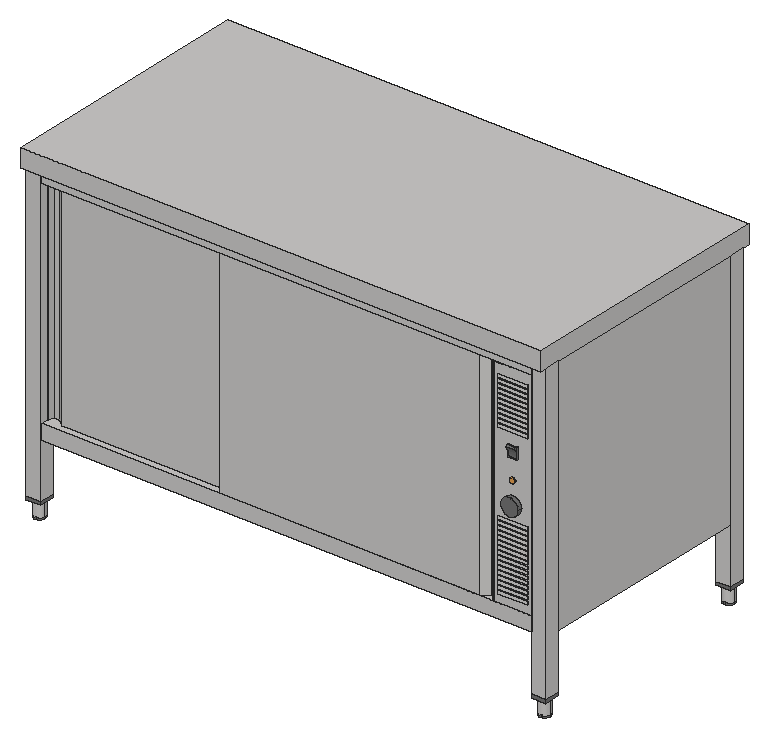
Revit family "QF_ELECTROLUXPROFESSIONAL_134046_GTC1400E", category Attrezzature speciali, Revit 2020
Family settings
  Quota connettore circolare = Usa diametro
  Tipo di parte = Normale
  Basato su piano di lavoro = No
  Sempre verticale = Sì
  Taglio con vuoti quando caricato = No
  Condiviso = No
  Punto di calcolo locali = No
Parameters (values of type "Standard")
  Weight = 77.00 kg
  Watts = 2530 W
  Volts = 220 V
  URL Manufacturer = "https://www.electroluxprofessional.com/"
  URL = "https://www.electroluxprofessional.com/"
  Steam Supply Size = 0 mm
  Steam Supply Minimum Pressure = 0.0 Pa
  Steam Supply Maximum Pressure = 0.0 Pa
  Steam Consumption per Hour = 0
  Refrigeration Suction Line Size = 0.0 mm
  Refrigeration Liquid Line Size = 0.0 mm
  Refrigerant Compressor Remote = yes
  Prospetto di default = 0.0 mm
  Produttore = "Electrolux Professional"
  Phase = 1
  Modello = "GTC1400E"
  Length Actual = 1400.0 mm  # constant formula
  Item Number = "134046"
  Hot Water Size = 0 mm
  Height Actual = 900.0 mm  # constant formula
  HP = "3.4 HP"
  Gas Size = 0 mm
  Gas KW = 0
  Gas Input Pressure = 0 W
  Direct Waste Size = 0 mm
  Descrizione = "HOT CUPBOARD 1400 MM"
  Depth Actual = 700.0 mm  # constant formula
  Cycle = 50 Hz
  Condensate Return Size = 0 mm
  Compressed Air Volume = 0.0 L/s
  Compressed Air Size = 0 mm
  Compressed Air Pressure = 0.0 Pa
  Cold Water Size = 0 mm
  Accessory = yes
Reference planes
  plane 1 "Center (Front/Back)": y = 0
  plane 2: z = 0
  plane 3 "Center (Left/Right)": x = -200
  plane 4 "LEFT": x = -900
  plane 5 "RIGHT": x = 500
  plane 6 "BACK": y = 350
  plane 7 "FRONT": y = -350
  plane 8 "Base": z = 850
  plane 9 "TOP": z = 900
  plane 10: x = -880
  plane 11: x = 480
  plane 12: y = 310
  plane 13: y = -310
  plane 14 "BodyLeft": x = -900
  plane 15 "BodyFront": y = -330
  plane 16 "BodyRight": x = 500
  plane 17 "BodyBack": y = 330
  plane 18 "FEET": z = 200
  plane 19: x = -120
  plane 20: x = -380
  plane 21 "AxeSlideDoor": x = -250
  plane 22: x = 360
  plane 23: x = 410
  plane 24: y = -160
Forms (mm)
  Extrusion 1, solid, material "QF_Finishes_Stainless Steel"
    sketch origin (-200, 0, 0) x (0, 1, 0) y (0, 0, 1)
      loop
        line (-350, 850) -> (350, 850) -> (350, 900) -> (-350, 900) -> (-350, 850)
    from 700 to -700
  Extrusion 2, solid, material "QF_Finishes_Stainless Steel"
    sketch origin (0, 0, 200) x (-1, 0, 0) y (0, -1, 0)
      loop
        line (900, -290) -> (900, 290) -> (860, 290) -> (860, -290) -> (900, -290)
      loop
        line (-460, -290) -> (-460, 290) -> (-500, 290) -> (-500, -290) -> (-460, -290)
    from 0 to 650
  Extrusion 3, solid, material "QF_Finishes_Stainless Steel"
    sketch origin (0, 0, 200) x (-1, 0, 0) y (0, -1, 0)
      loop
        line (860, -290) -> (860, 330) -> (-460, 330) -> (-460, -290) -> (860, -290)
    from 0 to 40
  Extrusion 4, solid, material "QF_Finishes_Stainless Steel"
    sketch origin (0, 0, 200) x (-1, 0, 0) y (0, -1, 0)
      loop
        line (860, -290) -> (-460, -290) -> (-460, -330) -> (860, -330) -> (860, -290)
    from 0 to 650
  Extrusion 5, solid, material "QF_Finishes_Stainless Steel"
    sketch origin (0, 0, 200) x (-1, 0, 0) y (0, -1, 0)
      loop
        line (-360, 330) -> (-360, 310) -> (380, 310) -> (380, 330) -> (-320, 330) -> (-340, 315) -> (-355, 315) -> (-355, 330) -> (-360, 330)
    from 40 to 620
  Extrusion 6, solid, material "QF_Finishes_Stainless Steel"
    sketch origin (0, 20, 200) x (1, 0, 0) y (0, 1, 0)
      loop
        line (-860, -330) -> (-855, -330) -> (-855, -315) -> (-840, -315) -> (-820, -330) -> (-120, -330) -> (-120, -310) -> (-860, -310) -> (-860, -330)
    from 40 to 620
  Extrusion 7, solid, material "QF_Finishes_Stainless Steel"
    sketch origin (0, 0, 200) x (-1, 0, 0) y (0, -1, 0)
      loop
        line (860, 290) -> (-460, 290) -> (-460, -290) -> (860, -290) -> (860, 290)
    from 350 to 390
  Extrusion 8, solid, material "QF_Finishes_Stainless Steel"
    sketch origin (0, 0, 200) x (-1, 0, 0) y (0, -1, 0)
      loop
        line (860, 330) -> (-460, 330) -> (-460, -310) -> (860, -310) -> (860, 330)
    from 620 to 650
  Extrusion 9, solid, material "QF_Finishes_Stainless Steel"
    sketch origin (0, 0, 200) x (-1, 0, 0) y (0, -1, 0)
      loop
        circle (-410, 160) r 10
    from 0 to -5
Lines and regions (mm)
  symbolic lines
    curve 1: line (500, 350, 900) -> (-900, 350, 900)
    curve 2: line (-900, 350, 900) -> (-900, -350, 900)
    curve 3: line (-900, -350, 900) -> (500, -350, 900)
    curve 4: line (500, -350, 900) -> (500, 350, 900)
  symbolic lines, style "SpecialityEquipmentHiddenLines"
    curve 5: line (-900, 330, 200) -> (500, 330, 200)
    curve 6: line (-900, -330, 200) -> (-900, 330, 200)
    curve 7: line (500, -330, 200) -> (-900, -330, 200)
    curve 8: line (500, 330, 200) -> (500, -330, 200)
    curve 9: line (-860, -290, 200) -> (-120, -290, 200)
    curve 10: line (-120, -290, 200) -> (-120, -310, 200)
    curve 11: line (-860, -310, 200) -> (360, -310, 200)
    curve 12: line (360, -310, 200) -> (360, -330, 200)
    curve 13: line (-380, -310, 200) -> (-380, -330, 200)
    curve 14: line (-860, -290, 200) -> (-860, -310, 200)
Dimensions and locks
  plane 4 "LEFT" to plane 5 "RIGHT" = 1400.0 mm
  equal spacing: plane 4 "LEFT", plane 3 "Center (Left/Right)", plane 5 "RIGHT"
  locked: plane 8 "Base" to level at 850
  plane 9 "TOP" to level = 900.0 mm
  plane 6 "BACK" to plane 7 "FRONT" = 700.0 mm
  equal spacing: plane 6 "BACK", plane 1 "Center (Front/Back)", plane 7 "FRONT"
  locked: plane 4 "LEFT" to plane 14 "BodyLeft"
  locked: plane 16 "BodyRight" to plane 5 "RIGHT"
  locked: plane 15 "BodyFront" to plane 7 "FRONT" at 20
  locked: plane 6 "BACK" to plane 17 "BodyBack" at 20
  locked: plane 14 "BodyLeft" to plane 10 at 20
  locked: plane 11 to plane 16 "BodyRight" at 20
  locked: plane 13 to plane 15 "BodyFront" at 20
  locked: plane 17 "BodyBack" to plane 12 at 20
  plane 10 to plane 11 = 1360.0 mm
  plane 12 to plane 13 = 620.0 mm
  locked: plane 14 "BodyLeft" to Extrusion 2 sketch curve at 40
  Extrusion 2 sketch curve to Extrusion 2 sketch curve = 40.0 mm
  locked: plane 18 "FEET" to plane 2 at 200
  plane 22 to plane 5 "RIGHT" = 140.0 mm
  equal spacing: Extrusion 2, plane 21 "AxeSlideDoor", plane 22
  locked: plane 20 to plane 21 "AxeSlideDoor" at 130
  locked: plane 21 "AxeSlideDoor" to plane 19 at 130
  plane 24 to plane 7 "FRONT" = 190.0 mm
  plane 23 to plane 16 "BodyRight" = 90.0 mm
  aligned and locked: level to plane 2
  aligned and locked: plane 10 to nested 1
  aligned and locked: nested 1 to plane 13
  aligned and locked: plane 11 to nested 2
  aligned and locked: nested 2 to plane 13
  aligned and locked: plane 11 to nested 4
  aligned and locked: nested 4 to plane 12
  aligned and locked: plane 10 to nested 3
  aligned and locked: nested 3 to plane 12
  aligned and locked: Extrusion 1 to plane 4 "LEFT"
  aligned and locked: plane 5 "RIGHT" to Extrusion 1
  aligned and locked: curve 2 to plane 4 "LEFT"
  aligned and locked: Extrusion 2 sketch curve to plane 14 "BodyLeft"
  aligned and locked: plane 16 "BodyRight" to Extrusion 2 sketch curve
  aligned and locked: plane 8 "Base" to Extrusion 2
  aligned and locked: Extrusion 5 to Extrusion 3
  aligned and locked: Extrusion 6 sketch curve to plane 19
  aligned and locked: Extrusion 5 sketch curve to plane 20
  aligned and locked: Extrusion 1 to plane 8 "Base"
  aligned and locked: plane 9 "TOP" to Extrusion 1
  aligned and locked: curve 5 to plane 17 "BodyBack"
  aligned and locked: plane 14 "BodyLeft" to curve 6
  aligned and locked: plane 15 "BodyFront" to curve 7
  aligned and locked: plane 16 "BodyRight" to curve 8
  aligned and locked: Extrusion 3 sketch curve to Extrusion 2  (x2)
  aligned and locked: Extrusion 2 to Extrusion 4 sketch curve  (x2)
  aligned and locked: curve 7 to Extrusion 3 sketch curve
  aligned and locked: Extrusion 3 sketch curve to Extrusion 4
  aligned and locked: Extrusion 4 to plane 18 "FEET"
  aligned and locked: plane 22 to Extrusion 5 sketch curve
  aligned and locked: nested 5 to Extrusion 2
  aligned and locked: nested 5 to Extrusion 3
  aligned and locked: Extrusion 8 sketch curve to plane 15 "BodyFront"
  aligned and locked: plane 12 to Extrusion 8 sketch curve
  aligned and locked: curve 12 to plane 22
Automatic sketch dimensions
  curve 3 to plane 5 "RIGHT" = 0.0 mm
  curve 3 to plane 7 "FRONT" = 0.0 mm
  curve 2 to plane 6 "BACK" = 0.0 mm
  Extrusion 1 sketch curve to plane 7 "FRONT" = 0.0 mm
  Extrusion 1 sketch curve to plane 6 "BACK" = 0.0 mm
  Extrusion 1 sketch curve to plane 8 "Base" = 0.0 mm
  Extrusion 1 sketch curve to plane 9 "TOP" = 0.0 mm
  Extrusion 2 sketch curve to plane 12 = 20.0 mm  (x2)
  plane 13 to Extrusion 2 sketch curve = 20.0 mm  (x2)
  Extrusion 4 sketch curve to plane 17 "BodyBack" = 0.0 mm
  Extrusion 4 sketch curve to plane 12 = 20.0 mm
  Extrusion 5 sketch curve to plane 15 "BodyFront" = 0.0 mm  (x2)
  Extrusion 5 sketch curve to plane 13 = 0.0 mm
  Extrusion 5 sketch curve to plane 22 = 5.0 mm
  Extrusion 5 sketch curve to plane 13 = 5.0 mm
  Extrusion 5 sketch curve to Extrusion 5 sketch curve = 15.0 mm
  Extrusion 5 sketch curve to Extrusion 5 sketch curve = 20.0 mm
  Extrusion 6 sketch curve to plane 13 = 0.0 mm  (x2)
  Extrusion 6 sketch curve to plane 10 = 60.0 mm
  Extrusion 6 sketch curve to plane 13 = 15.0 mm
  Extrusion 6 sketch curve to Extrusion 6 sketch curve = 20.0 mm  (x2)
  Extrusion 6 sketch curve to Extrusion 6 sketch curve = 15.0 mm
  Extrusion 6 sketch curve to Extrusion 6 sketch curve = 5.0 mm
  curve 11 to plane 13 = 0.0 mm
  curve 10 to plane 19 = 0.0 mm
  curve 13 to plane 20 = 0.0 mm
  plane 10 to curve 11 = 20.0 mm
  plane 13 to curve 9 = 20.0 mm
  Extrusion 7 sketch curve to plane 11 = 20.0 mm
  plane 10 to Extrusion 7 sketch curve = 20.0 mm
  Extrusion 7 sketch curve to plane 12 = 20.0 mm
  plane 13 to Extrusion 7 sketch curve = 20.0 mm
  Extrusion 8 sketch curve to plane 11 = 20.0 mm
  plane 10 to Extrusion 8 sketch curve = 20.0 mm
  Extrusion 9 sketch curve to plane 23 = 0.0 mm
  Extrusion 9 sketch curve to plane 24 = 0.0 mm
  radius of Extrusion 9 sketch curve = 10.0 mm
Nested families
  nested 1: "FEET_40x40_APP50" at (-880, -310, 0), type "FEET_40x40_APP50"
  nested 2: "FEET_40x40_APP50" at (480, -310, 0), type "FEET_40x40_APP50"
  nested 3: "FEET_40x40_APP50" at (-880, 310, 0), type "FEET_40x40_APP50"
  nested 4: "FEET_40x40_APP50" at (480, 310, 0), type "FEET_40x40_APP50"
  nested 5: "WT_PNL100x580" at (546.92, -290, 605) x (1, 0, 0) z (0, -1, 0), type "WT_PNL100x580"
    with Show Logo yes
Connectors
  electrical at (410, -160, 195)
    settings: on Extrusion 9, index 1, voltage 0 V, apparent load 0 VA, apparent load phase1 0 VA, apparent load phase2 0 VA, apparent load phase3 0 VA, power factor 1, load classification "Other", number of poles 1, system type 30, power factor state 1, is connector primary yes, connector utility no, sub classification motor no, connector description "Electrical connection"
Definition of nested family "FEET_40x40_APP50"
  Parameters
    Default Elevation = 0.0 mm
    FEET = 850.0 mm
  Reference planes
    plane 1 "Center (Front/Back)": y = 0
    plane 2: z = 0
    plane 3 "Center (Left/Right)": x = 0
    plane 4: z = 850
  Forms (mm)
    Extrusion 1, solid
      sketch origin (0, 0, 0) x (1, 0, 0) y (0, 1, 0)
        loop
          line (-20, -20) -> (20, -20) -> (20, 20) -> (-20, 20) -> (-20, -20)
      from 50 to 850
    Extrusion 2, solid
      sketch origin (0, 0, 0) x (1, 0, 0) y (0, 1, 0)
        loop
          circle (0, 0) r 15
      from 0 to 5
    Extrusion 3, solid
      sketch origin (0, 0, 0) x (1, 0, 0) y (0, 1, 0)
        loop
          line (-20, -20) -> (20, -20) -> (20, 20) -> (-20, 20) -> (-20, -20)
      from 50 to 42
    Extrusion 4, solid
      sketch origin (0, 0, 0) x (1, 0, 0) y (0, 1, 0)
        loop
          circle (0, 0) r 15
      from 5 to 42
  Lines and regions (mm)
    symbolic lines
      curve 1: line (0, -1.503, 0) -> (0, 1.508, 0)
      curve 2: line (1.561, 0, 0) -> (-1.439, 0, 0)
  Dimensions and locks
    "FEET": plane 4 to plane 2
    aligned and locked: level to plane 2
  Automatic sketch dimensions
    plane 1 "Center (Front/Back)" to curve 2 = 0.0 mm
    curve 1 to plane 3 "Center (Left/Right)" = 0.0 mm
    curve 2 to plane 3 "Center (Left/Right)" = 1.439 mm
    plane 3 "Center (Left/Right)" to curve 2 = 1.561 mm
    plane 1 "Center (Front/Back)" to curve 1 = 1.503 mm
    curve 1 to plane 1 "Center (Front/Back)" = 1.508 mm
    Extrusion 1 sketch curve to plane 3 "Center (Left/Right)" = 20.0 mm
    plane 3 "Center (Left/Right)" to Extrusion 1 sketch curve = 20.0 mm
    plane 1 "Center (Front/Back)" to Extrusion 1 sketch curve = 20.0 mm
    Extrusion 1 sketch curve to plane 1 "Center (Front/Back)" = 20.0 mm
    plane 1 "Center (Front/Back)" to Extrusion 2 sketch curve = 0.0 mm
    Extrusion 2 sketch curve to plane 3 "Center (Left/Right)" = 0.0 mm
    Extrusion 3 sketch curve to plane 3 "Center (Left/Right)" = 20.0 mm
    plane 3 "Center (Left/Right)" to Extrusion 3 sketch curve = 20.0 mm
    plane 1 "Center (Front/Back)" to Extrusion 3 sketch curve = 20.0 mm
    Extrusion 3 sketch curve to plane 1 "Center (Front/Back)" = 20.0 mm
    plane 1 "Center (Front/Back)" to Extrusion 4 sketch curve = 0.0 mm
    Extrusion 4 sketch curve to plane 3 "Center (Left/Right)" = 0.0 mm
    radius of Extrusion 2 sketch curve = 15.0 mm
    radius of Extrusion 4 sketch curve = 15.0 mm
Definition of nested family "WT_PNL100x580"
  Parameters
    Show Logo [instance] = yes
    Default Elevation = 1219.2 mm
  Reference planes
    plane 1 "Center (Front/Back)": y = -75
    plane 2: z = 0
    plane 3 "Center (Left/Right)": x = -136.92
    plane 4: x = -186.92
    plane 5: x = -86.92
    plane 6 "TOP": z = 40
  Forms (mm)
    Extrusion 1, solid
      sketch origin (0, 0, 0) x (1, 0, 0) y (0, 1, 0)
        loop
          line (-1219.2, 1219.2) -> (-1219.2, -1219.2) -> (1219.2, -1219.2) -> (1219.2, 1219.2) -> (-1219.2, 1219.2)
      from 0 to -304.8
    Extrusion 2, solid
      sketch origin (0, 35, 0) x (1, 0, 0) y (0, 1, 0)
        loop
          line (-186.92, 180) -> (-186.92, -400) -> (-86.92, -400) -> (-86.92, 180) -> (-186.92, 180)
      from 0 to 40
    Extrusion 3, solid
      sketch origin (0, 35, 40) x (-1, 0, 0) y (0, -1, 0)
        loop
          circle (136.92, 151.711) r 22.964
      from 0 to 11.071
    Extrusion 4, solid
      sketch origin (-136.92, 35, 0) x (0, 1, 0) y (0, 0, 1)
        loop
          line (95.896, 40) -> (104.899, 40) -> (95.896, 41.206) -> (95.896, 40)
        loop
          line (107.896, 40) -> (116.899, 40) -> (107.896, 41.206) -> (107.896, 40)
        loop
          line (119.896, 40) -> (128.899, 40) -> (119.896, 41.206) -> (119.896, 40)
        loop
          line (131.896, 40) -> (140.899, 40) -> (131.896, 41.206) -> (131.896, 40)
        loop
          line (143.896, 40) -> (152.899, 40) -> (143.896, 41.206) -> (143.896, 40)
        loop
          line (-246.104, 40) -> (-237.101, 40) -> (-246.104, 41.206) -> (-246.104, 40)
        loop
          line (-234.104, 40) -> (-225.101, 40) -> (-234.104, 41.206) -> (-234.104, 40)
        loop
          line (-222.104, 40) -> (-213.101, 40) -> (-222.104, 41.206) -> (-222.104, 40)
        loop
          line (-210.104, 40) -> (-201.101, 40) -> (-210.104, 41.206) -> (-210.104, 40)
        loop
          line (-198.104, 40) -> (-189.101, 40) -> (-198.104, 41.206) -> (-198.104, 40)
        loop
          line (-318.104, 40) -> (-309.101, 40) -> (-318.104, 41.206) -> (-318.104, 40)
        loop
          line (-306.104, 40) -> (-297.101, 40) -> (-306.104, 41.206) -> (-306.104, 40)
        loop
          line (-294.104, 40) -> (-285.101, 40) -> (-294.104, 41.206) -> (-294.104, 40)
        loop
          line (-282.104, 40) -> (-273.101, 40) -> (-282.104, 41.206) -> (-282.104, 40)
        loop
          line (-270.104, 40) -> (-261.101, 40) -> (-270.104, 41.206) -> (-270.104, 40)
        loop
          line (-258.104, 40) -> (-249.101, 40) -> (-258.104, 41.206) -> (-258.104, 40)
        loop
          line (-366.104, 40) -> (-357.101, 40) -> (-366.104, 41.206) -> (-366.104, 40)
        loop
          line (-354.104, 40) -> (-345.101, 40) -> (-354.104, 41.206) -> (-354.104, 40)
        loop
          line (-342.104, 40) -> (-333.101, 40) -> (-342.104, 41.206) -> (-342.104, 40)
        loop
          line (-330.104, 40) -> (-321.101, 40) -> (-330.104, 41.206) -> (-330.104, 40)
        loop
          line (-378.104, 40) -> (-369.101, 40) -> (-378.104, 41.206) -> (-378.104, 40)
        loop
          line (23.896, 40) -> (32.899, 40) -> (23.896, 41.206) -> (23.896, 40)
        loop
          line (35.896, 40) -> (44.899, 40) -> (35.896, 41.206) -> (35.896, 40)
        loop
          line (47.896, 40) -> (56.899, 40) -> (47.896, 41.206) -> (47.896, 40)
        loop
          line (59.896, 40) -> (68.899, 40) -> (59.896, 41.206) -> (59.896, 40)
        loop
          line (71.896, 40) -> (80.899, 40) -> (71.896, 41.206) -> (71.896, 40)
        loop
          line (83.896, 40) -> (92.899, 40) -> (83.896, 41.206) -> (83.896, 40)
      from -40 to 40
    Extrusion 5, solid
      sketch origin (0, -5, 40) x (-1, 0, 0) y (0, -1, 0)
        loop
          line (123.92, -32.89) -> (149.92, -32.89) -> (149.92, -1.89) -> (123.92, -1.89) -> (123.92, -32.89)
        loop
          line (148.92, -31.89) -> (148.92, -2.89) -> (124.92, -2.89) -> (124.92, -31.89) -> (148.92, -31.89)
      from 0 to 1.6
    Extrusion 6, solid
      sketch origin (0, 95, 40) x (-1, 0, 0) y (0, -1, 0)
        loop
          circle (136.92, 151.711) r 7
      from 0 to 1.6
    Extrusion 7, solid
      sketch origin (-136.92, 35, 0) x (0, 1, 0) y (0, 0, 1)
        loop
          line (-37.11, 38) -> (-8.11, 38) -> (-8.11, 41.206)
          arc (-8.11, 41.206) -> (-8.756, 45.488) -> (-10.639, 49.389) r 14.5
          arc (-10.639, 49.389) -> (-23.172, 43.026) -> (-37.11, 41.206) r 41.552
          line (-37.11, 41.206) -> (-37.11, 38)
      from -12 to 12
  Dimensions and locks
    equal spacing: plane 4, plane 3 "Center (Left/Right)", plane 5
    plane 6 "TOP" to level = 40.0 mm
    Extrusion 2 to Extrusion 2 = 580.0 mm
    plane 4 to plane 5 = 100.0 mm
    aligned and locked: plane 2 to Extrusion 1
    aligned and locked: level to Extrusion 1
  Automatic sketch dimensions
    Extrusion 1 sketch curve to Extrusion 1 sketch curve = 2438.4 mm  (x2)
    Extrusion 2 sketch curve to plane 4 = 0.0 mm
    Extrusion 2 sketch curve to plane 5 = 0.0 mm
    Extrusion 3 sketch curve to plane 3 "Center (Left/Right)" = 0.0 mm
    plane 1 "Center (Front/Back)" to Extrusion 3 sketch curve = 41.711 mm
    plane 3 "Center (Left/Right)" to Extrusion 5 sketch curve = 13.0 mm
    Extrusion 5 sketch curve to plane 3 "Center (Left/Right)" = 13.0 mm
    Extrusion 5 sketch curve to plane 1 "Center (Front/Back)" = 102.89 mm
    Extrusion 5 sketch curve to Extrusion 5 sketch curve = 31.0 mm
    Extrusion 6 sketch curve to plane 3 "Center (Left/Right)" = 0.0 mm
    Extrusion 6 sketch curve to plane 1 "Center (Front/Back)" = 18.289 mm
    Extrusion 4 sketch curve to plane 6 "TOP" = 0.0 mm  (x27)
    Extrusion 4 sketch curve to Extrusion 4 sketch curve = 9.003 mm  (x27)
    Extrusion 4 sketch curve to Extrusion 4 sketch curve = 2.997 mm  (x25)
    plane 6 "TOP" to Extrusion 4 sketch curve = 1.206 mm  (x27)
    Extrusion 4 sketch curve to plane 1 "Center (Front/Back)" = 133.896 mm
    Extrusion 5 sketch curve to Extrusion 5 sketch curve = 1.0 mm  (x4)
    Extrusion 7 sketch curve to plane 6 "TOP" = 2.0 mm
    Extrusion 7 sketch curve to plane 1 "Center (Front/Back)" = 72.89 mm
    Extrusion 7 sketch curve to plane 1 "Center (Front/Back)" = 74.556 mm
    plane 6 "TOP" to Extrusion 7 sketch curve = 1.206 mm  (x2)
    Extrusion 7 sketch curve to Extrusion 7 sketch curve = 14.5 mm  (x2)
    Extrusion 7 sketch curve to Extrusion 7 sketch curve = 2.529 mm
    Extrusion 2 sketch curve to plane 1 "Center (Front/Back)" = 290.0 mm
    plane 1 "Center (Front/Back)" to Extrusion 2 sketch curve = 290.0 mm
    plane 1 "Center (Front/Back)" to Extrusion 4 sketch curve = 79.101 mm
    radius of Extrusion 3 sketch curve = 22.964 mm
    radius of Extrusion 6 sketch curve = 7.0 mm
